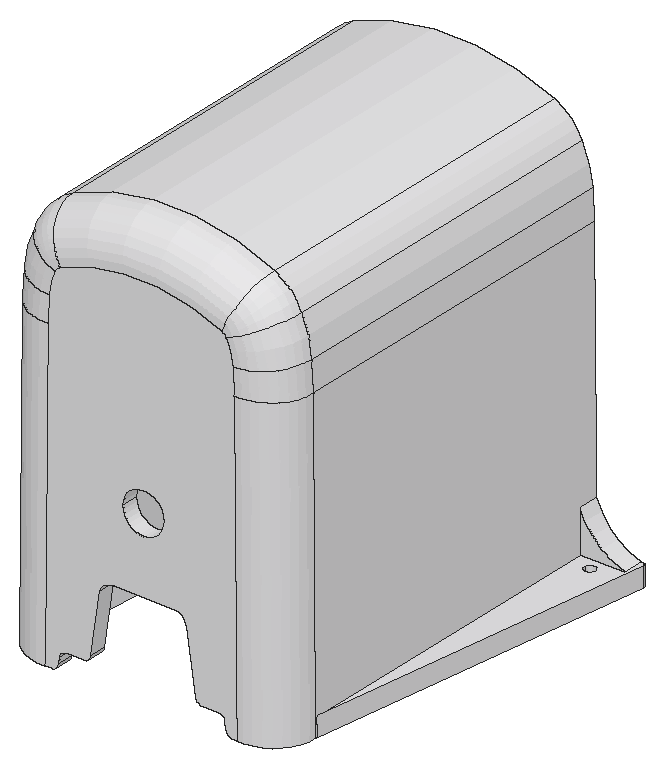
Revit family "Sink-Semipedestal-Lavatory-KOHLER-Panache-K-17154X", category Specialty Equipment, host Face, Revit 2017
Family settings
  Host = Face
  Round Connector Dimension = Use Diameter
  Part Type = Normal
  OmniClass Number = 23.31.13.00
  OmniClass Title = Sinks
  Cut with Voids When Loaded = No
  Shared = No
  Room Calculation Point = No
Parameters (values of type "0-White")
  Width = 10 193/256"  # constant formula
  WaterSense Certified = 1 = 0  # no
  URL = "https://www.kohler.co.th/"
  Type = 1
  Product Page URL = "https://www.kohler.co.th/productDetails/17154X?skuid=17154X-0"
  Product Name = "Panache"  # constant formula
  Product Documentation Link = "http://resources.kohler.com/plumbing/kohlerapac/pdf/1070769-X4-D.pdf"
  Model = "K-17154X-0"  # constant formula
  Material = "Vitreous China"  # constant formula
  Master Format 2014 Name = "Residential Lavatories and Sinks"  # constant formula
  Master Format 2014 = "22 41 16"  # constant formula
  Manufacturer Address = "16th Floor, Jasmine City Building 2, Soi Sukhumvit 23, Sukhumvit Road, Khlong Toei Nuea, Watthana, Bangkok 10110"  # constant formula
  Manufacturer = "KOHLER Co."  # constant formula
  Length = 12 13/128"  # constant formula
  Height = 11 9/64"  # constant formula
  Finish = Kohler-Vitreous_China-0-White
  Environmental Product Declaration = ""
  Description = "Floating basin support"  # constant formula
  Default Elevation = 25"
  Declare Label = ""
  Date Modified = "04/29/2021"  # constant formula
  Date Created = "04/29/2021"  # constant formula
  Copyright = "Copyright KOHLER Co."  # constant formula
  Contact Us = "https://www.kohler.co.th/contact-us"
  Assembly Code = "D2010400"
  ADA Compliant = 1 = 0  # no
Reference planes (in)
  plane 1 "Center (Front/Back)": y = 0
  plane 2: z = 0
  plane 3 "Center (Left/Right)": x = 0
  plane 4: z = 12.10156
  plane 5: z = 11.09069
  plane 6: z = 8.93764
  plane 7: z = 4.84252
  plane 8: z = 2.55906
  plane 9: y = -11.14063
  plane 10: x = -5.37614
  plane 11: x = 5.37777
  plane 12: x = -4.52756
  plane 13: x = 4.52756
  plane 14: y = -0.94488
Dimensions and locks (in)
  "Length": plane 4 to level
  "Height": plane 1 "Center (Front/Back)" to plane 9
  plane 12 to plane 13 = 9.05512"
  plane 10 to plane 11 = 10 193/256"
  plane 9 to plane 1 "Center (Front/Back)" = 11 9/64"
  plane 14 to plane 1 "Center (Front/Back)" = 0.94488"
  "Width": plane 10 to plane 11
  aligned and locked: plane 2 to host face
  aligned and locked: level to host face
Automatic sketch dimensions
  host sketch curve to host sketch curve = 96"  (x2)
Nested families (in)
  nested 1: "K-17154X" at (0, -11.14173, 8.93764) x (1, 0, 0) z (0, 1, 0), type "K-17154X"
Definition of nested family "K-17154X"
  Parameters (values of type "17154W")
    Material = none
    Default Elevation = 48"
  Reference planes (in)
    plane 1 "Center (Front/Back)": y = 0
    plane 2: z = 0
    plane 3 "Center (Left/Right)": x = 0
    plane 4: y = -2.15305
    plane 5: y = 8.93764
    plane 6: y = 4.09512
    plane 7: y = -3.16435
    plane 8: z = 11.14173
    plane 9: y = 6.37858
    plane 10: x = -4.52756
    plane 11: x = 4.52756
    plane 12: x = -5.37614
    plane 13: x = 5.37614
    plane 14: z = 10.19685
  Forms (in)
    Extrusion 1, solid, material <- "Material", detail levels medium+fine
      sketch origin (0, 0, 0) x (1, 0, 0) y (0, 0, 1)
        loop
          line (3.95432, 1.20423) -> (5.34748, 11.06487)
          arc (5.34748, 11.06487) -> (5.33162, 11.11852) -> (5.28072, 11.14173) r 0.06743
          line (5.28072, 11.14173) -> (3.95432, 11.14173) -> (3.95432, 1.20423)
      from -8.94321 to -8.38646
    Sweep 2, solid, material <- "Material", detail levels medium+fine
      path origin (0, 0, 0) x (1, 0, 0) y (0, 1, 0)
        loop
          line (3.96047, 8.93764) -> (3.88845, 0.17597)
          arc (3.88845, 0.17597) -> (3.87549, -0.24591) -> (3.84359, -0.66678) r 9.39005
          arc (3.84359, -0.66678) -> (3.74153, -1.22657) -> (3.54919, -1.76209) r 3.46403
          arc (3.54919, -1.76209) -> (3.22789, -2.22637) -> (2.76471, -2.54923) r 1.59137
          arc (2.76471, -2.54923) -> (-0.08712, -3.17261) -> (-2.93895, -2.54923) r 6.835
          arc (-2.93895, -2.54923) -> (-3.40213, -2.22637) -> (-3.72343, -1.76209) r 1.59137
          arc (-3.72343, -1.76209) -> (-3.91577, -1.22657) -> (-4.01783, -0.66678) r 3.46403
          arc (-4.01783, -0.66678) -> (-4.04973, -0.24591) -> (-4.06269, 0.17597) r 9.39005
          line (-4.06269, 0.17597) -> (-4.13471, 8.93764)
      profile origin (3.92446, 4.5568, 0) x (0.999966, -0.00822, 0) y (0, 0, 1)
        loop
          line (-0.00548, 11.14173) -> (-0.56752, 11.14173) -> (-0.56752, 1.1851)
          arc (-0.56752, 1.1851) -> (-0.79564, 0.66574) -> (-1.32569, 0.46373) r 0.73457
          line (-1.32569, 0.46373) -> (-1.32569, 0)
          arc (-1.32569, 0) -> (-0.40134, 0.29707) -> (-0.00548, 1.18363) r 1.1907
          line (-0.00548, 1.18363) -> (-0.00548, 11.14173)
    Extrusion 3, solid, material <- "Material", detail levels medium+fine
      sketch origin (0, 0, 0) x (1, 0, 0) y (0, 1, 0)
        loop
          line (2.63473, 8.93764) -> (-2.80897, 8.93764) -> (-2.73704, 0.18687)
          arc (-2.73704, 0.18687) -> (-2.72591, -0.17545) -> (-2.69852, -0.53691) r 8.06435
          arc (-2.69852, -0.53691) -> (-2.63551, -0.88246) -> (-2.51678, -1.21304) r 2.13833
          arc (-2.51678, -1.21304) -> (-2.46314, -1.29055) -> (-2.38582, -1.34445) r 0.26567
          arc (-2.38582, -1.34445) -> (-0.08712, -1.84691) -> (2.21158, -1.34445) r 5.50931
          arc (2.21158, -1.34445) -> (2.2889, -1.29055) -> (2.34254, -1.21304) r 0.26567
          arc (2.34254, -1.21304) -> (2.46127, -0.88246) -> (2.52428, -0.53691) r 2.13833
          arc (2.52428, -0.53691) -> (2.55167, -0.17545) -> (2.5628, 0.18687) r 8.06435
          line (2.5628, 0.18687) -> (2.63473, 8.93764)
      from 0 to 0.46373
    Extrusion 4, void
      sketch origin (0.09843, 0, 0) x (1, 0, 0) y (0, 1, 0)
        loop
          line (1.1197, 6.54828) -> (1.37121, 8.2437)
          arc (1.37121, 8.2437) -> (1.43498, 8.35955) -> (1.55894, 8.40563) r 0.18978
          line (1.55894, 8.40563) -> (2.02165, 8.40563)
          arc (2.02165, 8.40563) -> (2.15023, 8.45342) -> (2.21637, 8.5736) r 0.19685
          line (2.21637, 8.5736) -> (2.24546, 8.76967)
          arc (2.24546, 8.76967) -> (2.3116, 8.88985) -> (2.44018, 8.93764) r 0.19685
          line (2.44018, 8.93764) -> (-2.71909, 8.93764)
          arc (-2.71909, 8.93764) -> (-2.59051, 8.88985) -> (-2.52437, 8.76967) r 0.19685
          line (-2.52437, 8.76967) -> (-2.49528, 8.5736)
          arc (-2.49528, 8.5736) -> (-2.42914, 8.45342) -> (-2.30056, 8.40563) r 0.19685
          line (-2.30056, 8.40563) -> (-1.79473, 8.40563)
          arc (-1.79473, 8.40563) -> (-1.66616, 8.35784) -> (-1.60001, 8.23767) r 0.19685
          line (-1.60001, 8.23767) -> (-1.33968, 6.48276)
          arc (-1.33968, 6.48276) -> (-1.21136, 6.30011) -> (-1.00369, 6.21828) r 0.38835
          arc (-1.00369, 6.21828) -> (-0.1178, 6.18111) -> (0.76809, 6.21828) r 10.57691
          arc (0.76809, 6.21828) -> (1.00132, 6.32209) -> (1.1197, 6.54828) r 0.38835
      from -0.29725 to 0.7874
    Extrusion 5, void
      sketch origin (0, 0, 0) x (1, 0, 0) y (0, 1, 0)
        loop
          circle (0, 4.07666) r 0.59055
      from -0.94089 to 1.65465
    Extrusion 6, void
      sketch origin (-0.1162, 0, 0.03691) x (-1, 0, 0) y (0, 0, -1)
        loop
          circle (-4.64376, -10.15791) r 0.15626
      from -10.66406 to -7.74527
    Extrusion 7, void
      sketch origin (0.1162, 0, 0.03691) x (1, 0, 0) y (0, 0, 1)
        loop
          circle (-4.64376, 10.15791) r 0.15626
      from -10.66406 to -7.74527
    Extrusion 8, solid, material <- "Material", detail levels medium+fine
      sketch origin (-0.17424, 0, 0) x (-1, 0, 0) y (0, 0, -1)
        loop
          arc (2.49999, -10.40472) -> (2.55404, -10.55675) -> (2.70336, -10.6179) r 0.19774
          arc (2.70336, -10.6179) -> (2.8112, -10.61849) -> (2.9187, -10.62704) r 1.45857
          arc (2.9187, -10.62704) -> (3.01719, -10.64197) -> (3.11442, -10.66359) r 1.45857
          arc (3.11442, -10.66359) -> (3.23882, -10.72421) -> (3.3297, -10.82856) r 0.34749
          arc (3.3297, -10.82856) -> (3.351, -10.88207) -> (3.35699, -10.93934) r 0.21048
          arc (3.35699, -10.93934) -> (3.36477, -11.02131) -> (3.39297, -11.09867) r 0.32379
          line (3.39297, -11.09867) -> (3.39297, -1.1851)
          spline (3.39297, -1.1851) -> (3.38525, -1.09094) -> (3.36551, -0.99855) -> (3.33407, -0.90945) -> (3.29146, -0.82513) -> (3.23838, -0.74698) -> (3.17571, -0.67628) -> (3.10448, -0.61421) -> (3.02588, -0.5618) -> (2.94119, -0.51991) -> (2.85184, -0.48924) -> (2.75928, -0.47029) -> (2.66506, -0.46338)
          arc (2.66506, -0.46338) -> (3.06606, -0.69157) -> (3.22026, -1.12642) r 0.66132
          arc (3.22026, -1.12642) -> (3.21463, -1.30597) -> (3.20334, -1.48525) r 5.69005
          line (3.20334, -1.48525) -> (2.49999, -10.40472)
      from -8.93764 to -8.38646
    Extrusion 9, solid, material <- "Material", detail levels medium+fine
      sketch origin (0.00661, 0, 0) x (1, 0, 0) y (0, 0, 1)
        loop
          line (2.49999, 10.40472) -> (3.20334, 1.48525)
          arc (3.20334, 1.48525) -> (3.21463, 1.30597) -> (3.22026, 1.12642) r 5.69005
          arc (3.22026, 1.12642) -> (3.06606, 0.69157) -> (2.66506, 0.46338) r 0.66132
          spline (2.66506, 0.46338) -> (2.75214, 0.46934) -> (2.83789, 0.48558) -> (2.92112, 0.51189) -> (3.00063, 0.54788) -> (3.07532, 0.59304) -> (3.14412, 0.64675) -> (3.20606, 0.70824) -> (3.26028, 0.77664) -> (3.306, 0.85099) -> (3.34258, 0.93024) -> (3.3695, 1.01327) -> (3.38638, 1.09891)
          line (3.38638, 1.09891) -> (3.38638, 11.08516)
          arc (3.38638, 11.08516) -> (3.3632, 11.01396) -> (3.35699, 10.93934) r 0.32379
          arc (3.35699, 10.93934) -> (3.351, 10.88207) -> (3.3297, 10.82856) r 0.21048
          arc (3.3297, 10.82856) -> (3.23882, 10.72421) -> (3.11442, 10.66359) r 0.34749
          arc (3.11442, 10.66359) -> (3.01719, 10.64197) -> (2.9187, 10.62704) r 1.45857
          arc (2.9187, 10.62704) -> (2.8112, 10.61849) -> (2.70336, 10.6179) r 1.45857
          arc (2.70336, 10.6179) -> (2.55404, 10.55675) -> (2.49999, 10.40472) r 0.19774
      from -8.93764 to -8.38646
    Extrusion 10, solid, material <- "Material", detail levels medium+fine
      sketch origin (-0.16609, 0, 0) x (-1, 0, 0) y (0, 0, -1)
        loop
          line (3.95432, -2.09401) -> (3.95432, -11.14173) -> (5.15501, -11.14173)
          arc (5.15501, -11.14173) -> (5.20591, -11.11852) -> (5.22177, -11.06487) r 0.06743
          line (5.22177, -11.06487) -> (3.95432, -2.09401)
      from -8.94321 to -8.38646
    Extrusion 11, solid, material <- "Material", detail levels medium+fine
      sketch origin (0, 0, 0) x (1, 0, 0) y (0, 1, 0)
        loop
          arc (3.94029, 7.1637) -> (4.43352, 7.92022) -> (5.20667, 8.38695) r 2.02426
          line (5.20667, 8.38695) -> (3.94029, 8.38695) -> (3.94029, 7.1637)
      from 10.56371 to 11.14173
    Extrusion 12, solid, material <- "Material", detail levels medium+fine
      sketch origin (-0.04921, 0, 0) x (-1, 0, 0) y (0, -1, 0)
        loop
          line (4.0712, -7.42762) -> (4.0712, -8.38695) -> (5.31612, -8.38695)
          arc (5.31612, -8.38695) -> (4.59675, -8.03304) -> (4.0712, -7.42762) r 2.02426
      from 10.56371 to 11.14173
    Extrusion 13, solid, material <- "Material", detail levels coarse
      sketch origin (0, 0, 0) x (1, 0, 0) y (0, 1, 0)
        loop
          line (-5.38852, 8.94321) -> (-5.38852, 8.35266)
          arc (-5.38852, 8.35266) -> (-4.72706, 8.0891) -> (-4.21884, 7.59041) r 1.80645
          line (-4.21884, 7.59041) -> (-4.21884, 0)
          arc (-4.21884, 0) -> (-4.11935, -0.96354) -> (-3.8251, -1.88642) r 4.71588
          arc (-3.8251, -1.88642) -> (-0.04921, -3.69246) -> (3.72668, -1.88642) r 4.85014
          arc (3.72668, -1.88642) -> (4.02093, -0.96354) -> (4.12041, 0) r 4.71588
          line (4.12041, 0) -> (4.12041, 7.42762)
          arc (4.12041, 7.42762) -> (4.64875, 8.03507) -> (5.38852, 8.35266) r 1.80645
          line (5.38852, 8.35266) -> (5.38852, 8.94321) -> (-5.38852, 8.94321)
      from 0 to 11.36231
    Extrusion 14, void
      sketch origin (0, 0, 0) x (1, 0, 0) y (0, 1, 0)
        loop
          arc (-3.49519, 0.18063) -> (-3.48301, -0.21575) -> (-3.45304, -0.61118) r 8.82253
          arc (-3.45304, -0.61118) -> (-3.3677, -1.07926) -> (-3.20688, -1.52704) r 2.89651
          arc (-3.20688, -1.52704) -> (-3.00016, -1.82575) -> (-2.70216, -2.03347) r 1.02385
          arc (-2.70216, -2.03347) -> (-0.08712, -2.60509) -> (2.52792, -2.03347) r 6.26748
          arc (2.52792, -2.03347) -> (2.82592, -1.82575) -> (3.03264, -1.52704) r 1.02385
          arc (3.03264, -1.52704) -> (3.19346, -1.07926) -> (3.2788, -0.61118) r 2.89651
          arc (3.2788, -0.61118) -> (3.30877, -0.21575) -> (3.32095, 0.18063) r 8.82253
          line (3.32095, 0.18063) -> (3.39298, 8.94321) -> (-3.56722, 8.94321) -> (-3.49519, 0.18063)
      from 0.616 to 13.95004
  Cuts and joins
    Extrusion 4, Extrusion 5 cuts Sweep 2
    Extrusion 4, Extrusion 5 cuts Extrusion 3
    joined: Sweep 2, Extrusion 3
    Extrusion 6, Extrusion 7 cuts Extrusion 1
    Extrusion 7 cuts Extrusion 10
    Extrusion 14 cuts Extrusion 13
  Lines and regions (in)
    Masking region 1
      outline origin (0, 0, 0) x (0, 1, 0) y (0, 0, 1)
        loop
          line (-2.0356, 0) -> (8.93764, 0) -> (8.93764, 11.14173) -> (-3.16435, 11.14173) -> (-3.16435, 1.28132)
          arc (-3.16435, 1.28132) -> (-2.87358, 0.39963) -> (-2.0356, 0) r 1.18192
    Masking region 2
      outline origin (0, 0, 0) x (1, 0, 0) y (0, 0, 1)
        loop
          line (-2.91845, 0) -> (2.65943, 0)
          spline (2.65943, 0) -> (2.79794, -0.00703) -> (2.93634, 0.00209) -> (3.07273, 0.02725) -> (3.20527, 0.0681) -> (3.33216, 0.12408) -> (3.45169, 0.19444) -> (3.56222, 0.27822) -> (3.66225, 0.37429) -> (3.75044, 0.48134) -> (3.82558, 0.59792) -> (3.88666, 0.72244) -> (3.93284, 0.85323)
          line (3.93284, 0.85323) -> (5.37337, 11.04915)
          arc (5.37337, 11.04915) -> (5.36668, 11.11206) -> (5.31081, 11.14173) r 0.06743
          line (5.31081, 11.14173) -> (-0.32487, 11.14173) -> (-5.31081, 11.14173)
          arc (-5.31081, 11.14173) -> (-5.36668, 11.11206) -> (-5.37337, 11.04915) r 0.06743
          line (-5.37337, 11.04915) -> (-3.93284, 0.85323)
          spline (-3.93284, 0.85323) -> (-3.89485, 0.74246) -> (-3.84617, 0.63596) -> (-3.78727, 0.53476) -> (-3.7187, 0.43983) -> (-3.64115, 0.35209) -> (-3.55535, 0.2724) -> (-3.46214, 0.20152) -> (-3.36242, 0.14015) -> (-3.25715, 0.08886) -> (-3.14735, 0.04816) -> (-3.03409, 0.01845) -> (-2.91845, 0)
        loop
          circle (-4.52756, 10.19482) r 0.15626
        loop
          circle (4.52756, 10.19482) r 0.15626
    Masking region 3
      outline origin (0, 0, 0) x (1, 0, 0) y (0, 1, 0)
        loop
          arc (2.76242, -2.54425) -> (3.22401, -2.2225) -> (3.54421, -1.75982) r 1.58589
          arc (3.54421, -1.75982) -> (3.73623, -1.22515) -> (3.83814, -0.66625) r 3.45855
          arc (3.83814, -0.66625) -> (3.87002, -0.24562) -> (3.88297, 0.17601) r 9.38457
          line (3.88297, 0.17601) -> (3.93989, 7.10037)
          arc (3.93989, 7.10037) -> (4.47498, 7.98379) -> (5.37625, 8.48822) r 2.02426
          line (5.37625, 8.48822) -> (5.37625, 8.93764) -> (2.34175, 8.93764)
          arc (2.34175, 8.93764) -> (2.21318, 8.88985) -> (2.14703, 8.76967) r 0.19685
          line (2.14703, 8.76967) -> (2.11795, 8.5736)
          arc (2.11795, 8.5736) -> (2.0518, 8.45342) -> (1.92323, 8.40563) r 0.19685
          line (1.92323, 8.40563) -> (1.55894, 8.40563)
          arc (1.55894, 8.40563) -> (1.43498, 8.35955) -> (1.37121, 8.2437) r 0.18978
          line (1.37121, 8.2437) -> (1.1197, 6.54828)
          arc (1.1197, 6.54828) -> (1.00132, 6.32209) -> (0.76809, 6.21828) r 0.38835
          arc (0.76809, 6.21828) -> (-0.06061, 6.18127) -> (-0.88966, 6.20932) r 10.57691
          arc (-0.88966, 6.20932) -> (-1.1288, 6.31344) -> (-1.25037, 6.5442) r 0.3937
          line (-1.25037, 6.5442) -> (-1.50159, 8.23767)
          arc (-1.50159, 8.23767) -> (-1.56773, 8.35784) -> (-1.69631, 8.40563) r 0.19685
          line (-1.69631, 8.40563) -> (-2.15292, 8.40563)
          arc (-2.15292, 8.40563) -> (-2.2815, 8.45342) -> (-2.34764, 8.5736) r 0.19685
          line (-2.34764, 8.5736) -> (-2.37673, 8.76967)
          arc (-2.37673, 8.76967) -> (-2.44287, 8.88985) -> (-2.57145, 8.93764) r 0.19685
          line (-2.57145, 8.93764) -> (-5.37625, 8.93764) -> (-5.37625, 8.3898)
          arc (-5.37625, 8.3898) -> (-4.6475, 8.03422) -> (-4.11677, 7.42116) r 2.02426
          line (-4.11677, 7.42116) -> (-4.05721, 0.17601)
          arc (-4.05721, 0.17601) -> (-4.04426, -0.24562) -> (-4.01238, -0.66625) r 9.38457
          arc (-4.01238, -0.66625) -> (-3.91047, -1.22515) -> (-3.71845, -1.75982) r 3.45855
          arc (-3.71845, -1.75982) -> (-3.39825, -2.2225) -> (-2.93666, -2.54425) r 1.58589
          arc (-2.93666, -2.54425) -> (-0.08712, -3.16713) -> (2.76242, -2.54425) r 6.82952
        loop
          circle (0, 4.07666) r 0.59055
    symbolic lines, detail levels medium+fine
      curve 1: line (0, 8.38646, 11.14173) -> (0, 8.38646, 1.77494)
      curve 2: line (0, 8.94321, 1.77494) -> (0, 8.38646, 1.77494)
      curve 3: arc (2.52792, -2.03347, 0) -> (-0.08712, -2.60509, 0) -> (-2.70216, -2.03347, 0) r 6.26748
      curve 4: arc (-2.70216, -2.03347, 0) -> (-3.00016, -1.82575, 0) -> (-3.20688, -1.52704, 0) r 1.02385
      curve 5: arc (-3.20688, -1.52704, 0) -> (-3.3677, -1.07926, 0) -> (-3.45304, -0.61118, 0) r 2.89651
      curve 6: arc (-3.45304, -0.61118, 0) -> (-3.48301, -0.21575, 0) -> (-3.49519, 0.18063, 0) r 8.82253
      curve 7: line (-3.49519, 0.18063, 0) -> (-3.56721, 8.9423, 0)
      curve 8: line (-3.56264, 8.38646, 0) -> (-2.80444, 8.38646, 0)
      curve 9: line (-2.80897, 8.93764, 0) -> (-2.73704, 0.18687, 0)
      curve 10: arc (-2.73704, 0.18687, 0) -> (-2.72591, -0.17545, 0) -> (-2.69852, -0.53691, 0) r 8.06435
      curve 11: arc (-2.69852, -0.53691, 0) -> (-2.63551, -0.88246, 0) -> (-2.51678, -1.21304, 0) r 2.13833
      curve 12: arc (-2.51678, -1.21304, 0) -> (-2.46314, -1.29055, 0) -> (-2.38582, -1.34445, 0) r 0.26567
      curve 13: arc (-2.38582, -1.34445, 0) -> (-0.08712, -1.84691, 0) -> (2.21158, -1.34445, 0) r 5.50931
      curve 14: arc (2.34254, -1.21304, 0) -> (2.46127, -0.88246, 0) -> (2.52428, -0.53691, 0) r 2.13833
      curve 15: arc (2.52428, -0.53691, 0) -> (2.55167, -0.17545, 0) -> (2.5628, 0.18687, 0) r 8.06435
      curve 16: arc (2.21158, -1.34445, 0) -> (2.2889, -1.29055, 0) -> (2.34254, -1.21304, 0) r 0.26567
      curve 17: line (2.5628, 0.18687, 0) -> (2.63473, 8.93764, 0)
      curve 18: line (2.6302, 8.38646, 0) -> (3.3884, 8.38646, 0)
      curve 19: line (3.39297, 8.9423, 0) -> (3.32095, 0.18063, 0)
      curve 20: arc (3.32095, 0.18063, 0) -> (3.30877, -0.21575, 0) -> (3.2788, -0.61118, 0) r 8.82253
      curve 21: arc (3.2788, -0.61118, 0) -> (3.19346, -1.07926, 0) -> (3.03264, -1.52704, 0) r 2.89651
      curve 22: arc (3.03264, -1.52704, 0) -> (2.82592, -1.82575, 0) -> (2.52792, -2.03347, 0) r 1.02385
      curve 23: line (3.93989, 8.94321, 0) -> (3.93989, 7.10036, 0)
      curve 24: line (-4.11676, 7.42034, 0) -> (-4.11676, 8.94321, 0)
      curve 25: line (2.68885, 0, 0.46373) -> (-2.80897, 0, 0.46373)
      curve 26: spline (2.68885, 0, 0.46373) -> (2.77435, 0, 0.47151) -> (2.85836, 0, 0.48922) -> (2.93972, 0, 0.5166) -> (3.01734, 0, 0.55329) -> (3.09014, 0, 0.59879) -> (3.15714, 0, 0.65247) -> (3.21742, 0, 0.7136) -> (3.27016, 0, 0.78135) -> (3.31463, 0, 0.85479) -> (3.35022, 0, 0.93291) -> (3.37646, 0, 1.01466) -> (3.39299, 0, 1.09891)
      curve 27: line (3.39299, 0, 1.09891) -> (3.39299, 0, 11.14173)
      curve 28: line (-4.1281, 0, 2.23527) -> (-4.1281, 0, 11.14173)
      curve 29: line (4.02968, 0, 1.53862) -> (4.02968, 0, 11.14173)
      curve 30: line (-4.11676, 8.38646, 0) -> (-5.36347, 8.38646, 0)
      curve 31: line (3.93989, 8.38646, 0) -> (5.0791, 8.38646, 0)
      curve 32: spline (-2.68885, 0, 0.46373) -> (-2.77435, 0, 0.47151) -> (-2.85836, 0, 0.48922) -> (-2.93972, 0, 0.5166) -> (-3.01734, 0, 0.55329) -> (-3.09014, 0, 0.59879) -> (-3.15714, 0, 0.65247) -> (-3.21742, 0, 0.7136) -> (-3.27016, 0, 0.78135) -> (-3.31463, 0, 0.85479) -> (-3.35022, 0, 0.93291) -> (-3.37646, 0, 1.01466) -> (-3.39299, 0, 1.09891)
      curve 33: line (-3.39299, 0, 1.09891) -> (-3.39299, 0, 11.14173)
  Dimensions and locks (in)
    level to plane 8 = 11.14173"  (x2)
    plane 10 to plane 11 = 9.05512"  (x2)
    plane 12 to plane 13 = 10.75228"  (x2)
    plane 6 to plane 5 = 4.84252"
    plane 8 to plane 14 = 0.94488"
    plane 8 to level = 11.14173"
    plane 10 to plane 3 "Center (Left/Right)" = 4.52756"
    plane 13 to plane 12 = 10.75228"
    plane 14 to plane 8 = 0.94488"
    plane 5 to plane 7 = 12.10199"
    plane 7 to plane 5 = 12.10199"
    aligned and locked: level to plane 2
